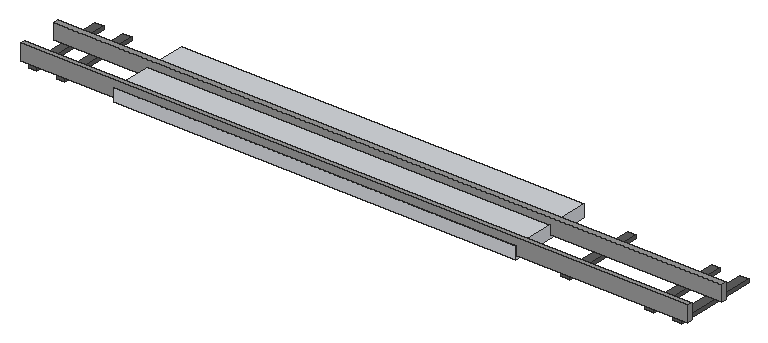
Revit family "1113-2, Veneer", category Generic Models, host Face, Revit 2020
Family settings
  Host = Face
  Can host rebar = No
  Round Connector Dimension = Use Diameter
  Part Type = Normal
  Cut with Voids When Loaded = No
  Shared = No
  Room Calculation Point = No
Parameters
  min_value [instance] = 1' - 11 1/4"  # constant formula
  max_value [instance] = 9' - 11 1/4"  # constant formula
  actual_value [instance] = if(NET LENGTH < min_value, min_value, if(NET LENGTH > max_value, max_value, NET LENGTH))  # 7' - 11 1/4"
  NET LENGTH [instance] = 7' - 11 1/4"
  Default Elevation = 4' - 0"
  BACKER MATERIAL [instance] = BLACK-BACKERS
  .. MEMBER WIDTH [instance] = 0' - 0 3/4"  # constant formula
  .. MEMBER MATERIAL [instance] = Veneer Cherry
  .. MEMBER LENGTH [instance] = actual_value  # 7' - 11 1/4"
  .. MEMBER DEPTH [instance] = 0' - 2 1/4"  # constant formula
  .. MEMBER COUNT [instance] = 2  # constant formula
  IMPORTANT NOTE!!!                                                                             *Backer layout is for visualization purposes only, final layout to be determined by 9Wood. [instance] = ""
Reference planes (in)
  plane 1 "Center (Front/Back)": y = 0
  plane 2: z = 1.82209
  plane 3 "Center (Left/Right)": x = 0
Forms (in)
  Extrusion 1, solid
    sketch origin (132, -33.80483, 0) x (1, 0, 0) y (0, 1, 0)
      loop
        line (-118.625, 33.80483) -> (-61.26146, 33.80483) -> (-61.26146, 45.86733) -> (-118.625, 45.86733) -> (-118.625, 33.80483)
    from 1.82209 to 0
Dimensions and locks (in)
  aligned and locked: Extrusion 1 to plane 2
  aligned and locked: plane 3 "Center (Left/Right)" to nested 1
Nested families (in)
  nested 1: "1100 SERIES CONFIG" at (0, 2, 0), .. MEMBER DEPTH <- ".. MEMBER DEPTH", .. MEMBER LENGTH <- ".. MEMBER LENGTH", .. MEMBER WIDTH <- ".. MEMBER WIDTH", .. MEMBER MATERIAL <- ".. MEMBER MATERIAL", BACKING M MATERIAL <- "BACKER MATERIAL", .. MEMBER COUNT <- ".. MEMBER COUNT", type "1100 SERIES CONFIG"
    with X 7' - 8", SCRIM OVERHANG 2 0' - 0 3/32", SCRIM OVERHANG 0' - 0 7/8", SCRIM LENGTH 8' - 1", SCRIM  MATERIAL SCRIM, SCRIM no, NOMINAL LENGTH 7, N 8, Inset 6' - 0 3/8", INSET 0' - 1", INDEX 0' - 5 5/8", HALF MEMBER WIDTH 0' - 0 3/8", HALF LENGTH 3' - 11 5/8", END BACKER yes, BACKING M WIDTH 0' - 1 1/4", BACKING M OC SPACING 1' - 0", BACKING M MATERIAL BLACK-BACKERS, BACKING M LENGTH 0' - 11 7/8", BACKING M DEPTH 0' - 0 1/2", BACKING M COUNT 8, 3/16" INSET 0' - 0 3/16", .. MEMBER WIDTH 0' - 0 3/4", .. MEMBER OC SPACING 0' - 6", .. MEMBER MATERIAL Veneer Cherry, .. MEMBER LENGTH 7' - 11 1/4", .. MEMBER DEPTH 0' - 2 1/4", .. MEMBER COUNT 2
Definition of nested family "1100 SERIES CONFIG"
  Parameters (values of type "1100 SERIES CONFIG")
    X [instance] = .. MEMBER LENGTH - 0' 3 1/4"  # 5' - 5"
    SCRIM OVERHANG 2 [instance] = 0' - 0 3/32"  # constant formula
    SCRIM OVERHANG [instance] = 0' - 0 7/8"  # constant formula
    SCRIM LENGTH [instance] = .. MEMBER LENGTH + (SCRIM OVERHANG * 2)  # 5' - 10"
    SCRIM  MATERIAL [instance] = none
    SCRIM [instance] = yes
    NOMINAL LENGTH [instance] = 7
    N [instance] = if((X - (rounddown(X / 1' 0") * 1' 0")) > 1' 0", rounddown(X / 1' 0") + 2, rounddown(X / 1' 0") + 1)  # 6
    Inset [instance] = 6' - 0 3/8"  # constant formula
    INSET [instance] = 0' - 1"  # constant formula
    END BACKER [instance] = INDEX > 0' 3 5/8"  # yes
    INDEX [instance] = (.. MEMBER LENGTH - ((N - 1) * 1' 0")) / 2  # 0' - 4 1/8"
    HALF MEMBER WIDTH [instance] = .. MEMBER WIDTH / 2  # 0' - 0 5/16"
    HALF LENGTH [instance] = .. MEMBER LENGTH / 2  # 2' - 10 1/8"
    Default Elevation = 0' - 0"
    BACKING M WIDTH [instance] = 0' - 1 1/4"
    BACKING M SPACING = 3' - 3"
    BACKING M MATERIAL [instance] = none
    BACKING M LENGTH [instance] = 0' - 11 7/8"
    BACKING M DEPTH [instance] = 0' - 0 1/2"
    BACKING M COUNT [instance] = N  # 6
    BACKING M OC SPACING [instance] = 1' - 0"  # constant formula
    3/16" INSET [instance] = 0' - 0 3/16"  # constant formula
    .. MEMBER WIDTH [instance] = 0' - 0 5/8"
    .. MEMBER OC SPACING [instance] = 1' 0" / .. MEMBER COUNT  # 0' - 4"
    .. MEMBER MATERIAL [instance] = none
    .. MEMBER LENGTH [instance] = 5' - 8 1/4"
    .. MEMBER DEPTH [instance] = 0' - 1 3/8"
    .. MEMBER COUNT [instance] = 3
  Reference planes (in)
    plane 1 "Center (Front/Back)": y = -2
    plane 2: z = 0
    plane 3 "Center (Left/Right)": x = 0
    plane 4: x = 1
    plane 5: x = 4.125
    plane 6: x = 34.125
    plane 7: x = 68.25
    plane 8: x = 67.25
    plane 9: x = 16.125
    plane 10: y = -1.8125
    plane 11: y = -1.6875
    plane 12: y = 2.3125
    plane 13: x = 69.125
    plane 14: x = -0.875
    plane 15: z = 0.5
    plane 16: z = 0.5625
    plane 17: y = 10.0625
    plane 18: y = 10.15625
    plane 19: y = -2.09375
  Dimensions and locks (in)
    "INSET": plane 3 "Center (Left/Right)" to plane 4
    "INDEX": plane 3 "Center (Left/Right)" to plane 5
    "HALF LENGTH": plane 3 "Center (Left/Right)" to plane 6
    ".. MEMBER LENGTH": plane 3 "Center (Left/Right)" to plane 7
    "INSET": plane 8 to plane 7
    equal spacing: group 2, group 3, group 6, group 7, group 8, group 9  (x3)
    "3/16" INSET": plane 1 "Center (Front/Back)" to plane 10
    ".. MEMBER OC SPACING": plane 12 to plane 11
    "SCRIM OVERHANG": plane 14 to plane 3 "Center (Left/Right)"
    "SCRIM OVERHANG": plane 7 to plane 13
    equal spacing: group 1, group 4, group 5  (x2)
    equal spacing: group 5, group 4, group 1
    "HALF MEMBER WIDTH": plane 1 "Center (Front/Back)" to plane 11
    "BACKING M OC SPACING": plane 5 to plane 9
    "SCRIM OVERHANG 2": plane 18 to plane 17
    "SCRIM OVERHANG 2": plane 19 to plane 1 "Center (Front/Back)"
    aligned and locked: level to plane 2
    aligned and locked: plane 6 to nested 1
    aligned and locked: nested 2 to plane 4
    aligned and locked: plane 5 to nested 3
    aligned and locked: plane 1 "Center (Front/Back)" to nested 1
    aligned and locked: nested 2 to plane 10
    aligned and locked: nested 3 to plane 10
    aligned and locked: nested 5 to plane 10
    aligned and locked: nested 4 to plane 10
    aligned and locked: nested 6 to plane 14
    aligned and locked: plane 12 to nested 7
    aligned and locked: nested 7 to plane 3 "Center (Left/Right)"
    aligned and locked: plane 9 to nested 5
    aligned and locked: plane 8 to nested 4
    aligned and locked: plane 15 to nested 2
    aligned and locked: nested 6 to plane 15
    aligned and locked: nested 1 to plane 16
    aligned and locked: nested 7 to plane 16
    aligned and locked: nested 6 to plane 19
  Nested families (in)
    nested 1: "INSTANCE - Parametric Cube" at (34.125, -1.6875, 1.9375), Length <- ".. MEMBER WIDTH", Height <- ".. MEMBER DEPTH", Width <- ".. MEMBER LENGTH", Material <- ".. MEMBER MATERIAL", type "INSTANCE - Parametric Cube"
      with Width 5' - 8 1/4", Material none, Length 0' - 0 5/8", Height 0' - 1 3/8"
    nested 2: "2ND INSTANCE - Parametric Cube" at (1.625, 4.125, 0), Height <- "BACKING M DEPTH", Length <- "BACKING M LENGTH", Width <- "BACKING M WIDTH", Material <- "BACKING M MATERIAL", visible <- "END BACKER", type "2ND INSTANCE - Parametric Cube"
      with Width 0' - 1 1/4", Material none, Length 0' - 11 7/8", Height 0' - 0 1/2"
    nested 3: "2ND INSTANCE - Parametric Cube" at (4.125, 4.125, 0), Length <- "BACKING M LENGTH", Height <- "BACKING M DEPTH", Width <- "BACKING M WIDTH", Material <- "BACKING M MATERIAL", type "2ND INSTANCE - Parametric Cube"
      with Width 0' - 1 1/4", Material none, Length 0' - 11 7/8", Height 0' - 0 1/2"
    nested 4: "2ND INSTANCE - Parametric Cube" at (66.625, 4.125, 0), Width <- "BACKING M WIDTH", Length <- "BACKING M LENGTH", Height <- "BACKING M DEPTH", Material <- "BACKING M MATERIAL", visible <- "END BACKER", type "2ND INSTANCE - Parametric Cube"
      with Width 0' - 1 1/4", Material none, Length 0' - 11 7/8", Height 0' - 0 1/2"
    nested 5: "2ND INSTANCE - Parametric Cube" at (16.125, 4.125, 0), Length <- "BACKING M LENGTH", Height <- "BACKING M DEPTH", Width <- "BACKING M WIDTH", Material <- "BACKING M MATERIAL", type "2ND INSTANCE - Parametric Cube"
      with Width 0' - 1 1/4", Material none, Length 0' - 11 7/8", Height 0' - 0 1/2"
    nested 6: "3RD INSTANCE - Parametric Cube" at (34.125, 4.0445, 0.5), Width <- "SCRIM LENGTH", Material <- "SCRIM  MATERIAL", visible <- "SCRIM", type "3RD INSTANCE - Parametric Cube"
      with Width 5' - 10", Material none, Length 1' - 0.27649", Height 0' - 0 1/16"
    nested 7: "INSTANCE - Parametric Cube" at (34.125, 2.3125, 1.9375), Length <- ".. MEMBER WIDTH", Height <- ".. MEMBER DEPTH", Width <- ".. MEMBER LENGTH", Material <- ".. MEMBER MATERIAL", type "INSTANCE - Parametric Cube"
      with Width 5' - 8 1/4", Material none, Length 0' - 0 5/8", Height 0' - 1 3/8"
    nested 8: "INSTANCE - Parametric Cube" at (34.125, 6.3125, 1.9375), Length <- ".. MEMBER WIDTH", Height <- ".. MEMBER DEPTH", Width <- ".. MEMBER LENGTH", Material <- ".. MEMBER MATERIAL", type "INSTANCE - Parametric Cube"
      with Width 5' - 8 1/4", Material none, Length 0' - 0 5/8", Height 0' - 1 3/8"
    nested 9: "2ND INSTANCE - Parametric Cube" at (28.125, 4.125, 0), Length <- "BACKING M LENGTH", Height <- "BACKING M DEPTH", Width <- "BACKING M WIDTH", Material <- "BACKING M MATERIAL", type "2ND INSTANCE - Parametric Cube"
      with Width 0' - 1 1/4", Material none, Length 0' - 11 7/8", Height 0' - 0 1/2"
    nested 10: "2ND INSTANCE - Parametric Cube" at (40.125, 4.125, 0), Length <- "BACKING M LENGTH", Height <- "BACKING M DEPTH", Width <- "BACKING M WIDTH", Material <- "BACKING M MATERIAL", type "2ND INSTANCE - Parametric Cube"
      with Width 0' - 1 1/4", Material none, Length 0' - 11 7/8", Height 0' - 0 1/2"
    nested 11: "2ND INSTANCE - Parametric Cube" at (52.125, 4.125, 0), Length <- "BACKING M LENGTH", Height <- "BACKING M DEPTH", Width <- "BACKING M WIDTH", Material <- "BACKING M MATERIAL", type "2ND INSTANCE - Parametric Cube"
      with Width 0' - 1 1/4", Material none, Length 0' - 11 7/8", Height 0' - 0 1/2"
    nested 12: "2ND INSTANCE - Parametric Cube" at (64.125, 4.125, 0), Length <- "BACKING M LENGTH", Height <- "BACKING M DEPTH", Width <- "BACKING M WIDTH", Material <- "BACKING M MATERIAL", type "2ND INSTANCE - Parametric Cube"
      with Width 0' - 1 1/4", Material none, Length 0' - 11 7/8", Height 0' - 0 1/2"
  Definition of nested family "INSTANCE - Parametric Cube"
    Parameters (values of type "INSTANCE - Parametric Cube")
      Width [instance] = 0' - 6"
      Material [instance] = none
      Length [instance] = 1' - 0"
      Height [instance] = 1' - 6"
      Default Elevation = 0' - 0"
    Reference planes (in)
      plane 1 "Center (Front/Back)": y = 0
      plane 2: z = 0
      plane 3 "Center (Left/Right)": x = 0
      plane 4: x = -3
      plane 5: x = 3
      plane 6: y = 6
      plane 7: y = -6
      plane 8: z = -18
    Forms (in)
      Extrusion 1, solid, material <- "Material"
        sketch origin (0, 0, 0) x (1, 0, 0) y (0, 1, 0)
          loop
            line (-3, 6) -> (-3, -6) -> (3, -6) -> (3, 6) -> (-3, 6)
        from -18 to 0
    Dimensions and locks (in)
      equal spacing: plane 4, plane 3 "Center (Left/Right)", plane 5
      equal spacing: plane 6, plane 1 "Center (Front/Back)", plane 7
      "Length": plane 6 to plane 7
      "Width": plane 4 to plane 5
      "Height": plane 8 to level
      aligned and locked: plane 2 to level
      aligned and locked: Extrusion 1 sketch curve to plane 6
      aligned and locked: plane 4 to Extrusion 1 sketch curve
      aligned and locked: plane 7 to Extrusion 1 sketch curve
      aligned and locked: Extrusion 1 sketch curve to plane 5
      aligned and locked: Extrusion 1 to plane 8
  Definition of nested family "2ND INSTANCE - Parametric Cube"
    Parameters (values of type "2ND INSTANCE - Parametric Cube")
      Width [instance] = 0' - 6"
      Material [instance] = none
      Length [instance] = 1' - 0"
      Height [instance] = 1' - 6"
      Default Elevation = 0' - 0"
    Reference planes (in)
      plane 1 "Center (Front/Back)": y = 0
      plane 2: z = 0
      plane 3 "Center (Left/Right)": x = 0
      plane 4: x = -3
      plane 5: x = 3
      plane 6: y = 6
      plane 7: y = -6
      plane 8: z = 18
    Forms (in)
      Extrusion 1, solid, material <- "Material"
        sketch origin (0, 0, 0) x (1, 0, 0) y (0, 1, 0)
          loop
            line (-3, 6) -> (-3, -6) -> (3, -6) -> (3, 6) -> (-3, 6)
        from 0 to 18
    Dimensions and locks (in)
      equal spacing: plane 4, plane 3 "Center (Left/Right)", plane 5
      equal spacing: plane 6, plane 1 "Center (Front/Back)", plane 7
      "Length": plane 6 to plane 7
      "Width": plane 4 to plane 5
      "Height": level to plane 8
      aligned and locked: plane 2 to level
      aligned and locked: Extrusion 1 sketch curve to plane 6
      aligned and locked: plane 4 to Extrusion 1 sketch curve
      aligned and locked: plane 7 to Extrusion 1 sketch curve
      aligned and locked: Extrusion 1 sketch curve to plane 5
      aligned and locked: plane 8 to Extrusion 1
      aligned and locked: Extrusion 1 to level
  Definition of nested family "3RD INSTANCE - Parametric Cube"
    Parameters (values of type "3RD INSTANCE - Parametric Cube")
      Width [instance] = 0' - 6"
      Material [instance] = none
      Length [instance] = 1' - 0"
      Height [instance] = 1' - 6"
      Default Elevation = 0' - 0"
    Reference planes (in)
      plane 1 "Center (Front/Back)": y = 0
      plane 2: z = 0
      plane 3 "Center (Left/Right)": x = 0
      plane 4: x = -3
      plane 5: x = 3
      plane 6: y = 6
      plane 7: y = -6
      plane 8: z = 18
    Forms (in)
      Extrusion 1, solid, material <- "Material"
        sketch origin (0, 0, 0) x (1, 0, 0) y (0, 1, 0)
          loop
            line (-3, 6) -> (-3, -6) -> (3, -6) -> (3, 6) -> (-3, 6)
        from 0 to 18
    Dimensions and locks (in)
      equal spacing: plane 4, plane 3 "Center (Left/Right)", plane 5
      equal spacing: plane 6, plane 1 "Center (Front/Back)", plane 7
      "Length": plane 6 to plane 7
      "Width": plane 4 to plane 5
      "Height": level to plane 8
      aligned and locked: plane 2 to level
      aligned and locked: Extrusion 1 sketch curve to plane 6
      aligned and locked: plane 4 to Extrusion 1 sketch curve
      aligned and locked: plane 7 to Extrusion 1 sketch curve
      aligned and locked: Extrusion 1 sketch curve to plane 5
      aligned and locked: plane 8 to Extrusion 1
      aligned and locked: Extrusion 1 to level
